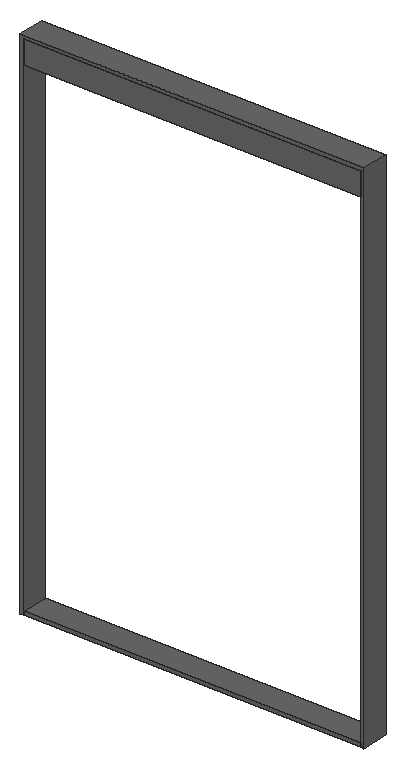
Revit family "RYN_GEN_Door_Window_ShadingFrame", category Generic Models, host Wall, Revit 2025
Family settings
  Host = Wall
  Can host rebar = No
  Round Connector Dimension = Use Diameter
  Part Type = Normal
  Always vertical = Yes
  Cut with Voids When Loaded = No
  Maintain Annotation Orientation = No
  Shared = No
  Room Calculation Point = No
Parameters (values of type "Type 1")
  Width = 2530 mm
  Top Panel Material = RYN_MAT_DoorFrame_AluminiumBlack
  Top Panel Gap = 25 mm
  Top Panel Depth = 200 mm
  Thickness = 25 mm
  Sill = 0 mm
  Height = 3700 mm
  Frame Material = RYN_MAT_DoorFrame_AluminiumBlack
  External Offset = 200 mm
  Default Elevation = 1100 mm
  Bottom Frame On = yes
Reference planes
  plane 1 "Wall": y = 0
  plane 2 "Center (Left/Right)": x = 125
  plane 3 "Back": y = 75
  plane 4: z = 25
  plane 5: z = 3900
  plane 6: x = 1390
  plane 7: x = -1140
  plane 8: z = 3700
  plane 9: y = 275
  plane 10: z = 0
  plane 11: x = 1415
  plane 12: x = -1165
  plane 13: z = 3875
  plane 14: y = 250
Forms (mm)
  Extrusion 1, solid, material "RYN_MAT_DoorFrame_AluminiumBlack" <- "Frame Material"
    sketch origin (0, 75, 0) x (1, 0, 0) y (0, 0, 1)
      loop
        line (1415, 0) -> (1415, 3900) -> (-1165, 3900) -> (-1165, 0) -> (-1140, 0) -> (-1140, 3875) -> (1390, 3875) -> (1390, 0) -> (1415, 0)
    from 0 to -200
  Extrusion 2, solid, material "RYN_MAT_DoorFrame_AluminiumBlack" <- "Top Panel Material"
    sketch origin (0, 75, 0) x (1, 0, 0) y (0, 0, 1)
      loop
        line (1390, 3700) -> (1390, 3875) -> (-1140, 3875) -> (-1140, 3700) -> (1390, 3700)
    from 0 to -175
  Extrusion 3, solid, material "RYN_MAT_DoorFrame_AluminiumBlack" <- "Frame Material", visible <- "Bottom Frame On"
    sketch origin (0, 75, 0) x (1, 0, 0) y (0, 0, 1)
      loop
        line (1390, 0) -> (1390, 25) -> (-1140, 25) -> (-1140, 0) -> (1390, 0)
    from 0 to -200
Text (mm)
  text "Placement Side" at (-1848.837, 1116.779, 0), in view "Ref. Level"
  text "Placement side" at (0, 1409.804, 2854.306), in view "Left"
  text "Placement side" at (0, 499.811, 2980.732), in view "Right"
Dimensions and locks
  locked: plane 3 "Back" to host wall
  equal spacing: plane 6, plane 2 "Center (Left/Right)", plane 7
  "Width": plane 7 to plane 6
  "Sill": level to plane 10
  "Height": plane 10 to plane 8
  "Top Panel Depth": plane 8 to plane 5
  "External Offset": plane 9 to plane 3 "Back"
  "Thickness": plane 10 to plane 4
  "Thickness": plane 6 to plane 11
  "Thickness": plane 7 to plane 12
  "Thickness": plane 13 to plane 5
  "Top Panel Gap": plane 9 to plane 14
  aligned and locked: host wall to plane 1 "Wall"
  aligned and locked: Extrusion 1 sketch curve to plane 10
  aligned and locked: Extrusion 1 sketch curve to plane 11
  aligned and locked: Extrusion 1 sketch curve to plane 5
  aligned and locked: Extrusion 1 sketch curve to plane 12
  aligned and locked: Extrusion 1 sketch curve to plane 7
  aligned and locked: Extrusion 1 sketch curve to plane 13
  aligned and locked: Extrusion 1 sketch curve to plane 6
  aligned and locked: Extrusion 1 to plane 9
  aligned and locked: plane 3 "Back" to Extrusion 1
  aligned and locked: Extrusion 2 sketch curve to plane 8
  aligned and locked: Extrusion 2 sketch curve to plane 13
  aligned and locked: plane 7 to Extrusion 2 sketch curve
  aligned and locked: Extrusion 2 sketch curve to plane 6
  aligned and locked: Extrusion 2 to plane 14
  aligned and locked: plane 3 "Back" to Extrusion 2
  aligned and locked: Extrusion 3 sketch curve to plane 10
  aligned and locked: Extrusion 3 sketch curve to plane 4
  aligned and locked: Extrusion 3 sketch curve to plane 7
  aligned and locked: plane 6 to Extrusion 3 sketch curve
  aligned and locked: plane 9 to Extrusion 3
  aligned and locked: plane 3 "Back" to Extrusion 3
Automatic sketch dimensions
  Extrusion 1 sketch curve to plane 10 = 0 mm
